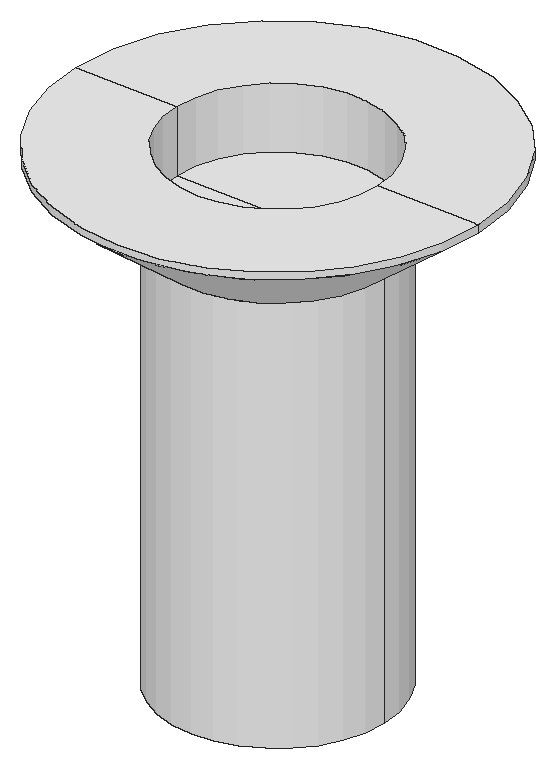
Revit family "Valvula_Escoamento", category Plumbing Fixtures, host Face, Revit 2025
Family settings
  Host = Face
  Round Connector Dimension = Use Diameter
  Part Type = Normal
  OmniClass Number = 23.45.00.00
  OmniClass Title = Sanitary, Laundry, and Cleaning Equipment
  Enable Cutting in Views = No
  Cut with Voids When Loaded = Yes
  Maintain Annotation Orientation = No
  Shared = Yes
  Room Calculation Point = No
Parameters (values of type "Válvula_Escoamento")
  Waste Connection = 1 = 0  # no
  WFU = 0  # constant formula
  Vent Connection = 1 = 0  # no
  URL = "http://www.celite.com.br"
  Selo de Qualidade ofcdesk = "Standard"  # constant formula
  Raio1 [instance] = 16 mm
  Raio2 [instance] = 30 mm
  Raio furo [instance] = 15 mm
  Model = Celite: Código  # "B5828C5CR3"
  Metais [instance] = CT_Cromados
  Manufacturer = Celite: Fabricante  # "Celite"
  L/Rosca [instance] = 59.5 mm
  HWFU = 0  # constant formula
  HW Connection = 1 = 0  # no
  Desenvolvido por = "ofcdesk"  # constant formula
  Description = Celite: Descrição  # "Válvula de escoamento para lavatório, 1\" sem ladrão com tampa plástica (B5828C5CR3), Complementos - Metais Celite"
  Default Elevation = 0 mm
  Comprimento [instance] = 70.5 mm
  Celite: Versão = "Autodesk Revit MEP 2014"  # constant formula
  Celite: Tipo = "Válvulas de escoamento"  # constant formula
  Celite: Produto = "Metais"  # constant formula
  Celite: Norma [instance] = "ABNT NBR 15423:2006 - Requisitos e métodos de ensaio"
  Celite: Link do Produto = "http://www.celite.com.br/pt/produtos/categoria/2/tipo/10/subtipo/19/"
  Celite: Linha = "Válvulas"  # constant formula
  Celite: Informações Técnicas = "N/A"
  Celite: Informações Gerais = "N/A"
  Celite: Fabricante = "Celite"  # constant formula
  Celite: Desenho Técnico = "http://www.celite.com.br/media/uploads/desenhos_tecnicos/A5828C5CR3_Valvula_de_escoamento_Lavatorio.pdf"
  Celite: Descrição = "Válvula de escoamento para lavatório, 1\" sem ladrão com tampa plástica (B5828C5CR3), Complementos - Metais Celite"
  Celite: Código = "B5828C5CR3"
  Celite: Cores Disponíveis = "Cromado"
  Celite: Copyright © = "© 2014 Celite"  # constant formula
  Celite: Categoria = "Complementos"  # constant formula
  CW Connection = 1 = 0  # no
  Assembly Code = "D2010"
Reference planes
  plane 1 "Center (Front/Back)": y = 0
  plane 2: z = 0
  plane 3 "Center (Left/Right)": x = 0
  plane 4: z = -70.5
  plane 5: z = -11
Forms (mm)
  Revolve 1, solid, material "CT_Cromados" <- "Metais"
    sketch origin (0, 0, 0) x (1, 0, 0) y (0, 0, 1)
      loop
        line (0, -8.185) -> (-15, -8.185) -> (-15, 1) -> (-30, 1) -> (-30, 0) -> (-16, -11) -> (-16, -70.5) -> (0, -70.5) -> (0, -8.185)
      axis (0, 1) -> (0, -70.5)
    angle from 0 to 360
Dimensions and locks
  "Comprimento": level to plane 4
  "L/Rosca": plane 5 to plane 4
  "Raio1": plane 3 "Center (Left/Right)" to Revolve 1 sketch curve
  "Raio2": plane 3 "Center (Left/Right)" to Revolve 1 sketch curve
  locked: plane 2 to Revolve 1 sketch curve at 8.185
  "Raio furo": plane 3 "Center (Left/Right)" to Revolve 1 sketch curve
  aligned and locked: plane 2 to host face
  aligned and locked: level to host face
  aligned and locked: Revolve 1 sketch curve to plane 3 "Center (Left/Right)"  (x2)
  aligned and locked: plane 5 to Revolve 1 sketch curve
  aligned and locked: plane 4 to Revolve 1 sketch curve
  aligned and locked: level to Revolve 1 sketch curve
Automatic sketch dimensions
  host sketch curve to host sketch curve = 80.004 mm
  host sketch curve to host sketch curve = 95.394 mm
  Revolve 1 sketch curve to Revolve 1 sketch curve = 1 mm
  level to Revolve 1 sketch curve = 25 mm
  Revolve 1 sketch curve to Revolve 1 sketch curve = 60 mm
